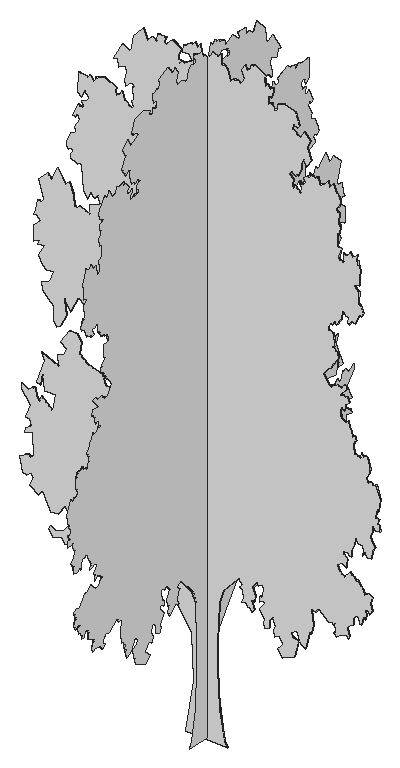
Revit family
Parameters (values of type "Salix Alba - 8.2 Meters")
  Height = 8200.00 mm
  built-in parameter 1005192 = "ACCURENDER\\Trees and Shrubs\\Deciduous\\Willow, Weeping"
  built-in parameter 1005194 = (empty or 0)
  Type Comments = "Weeping Willow"
  Assembly Code = ""
Types (6, lengths in mm): name | Height | built-in parameter 1005192 | Type Comments
  Quercus Velutina - 8.2 Meters | 8200.00 | "ACCURENDER\\Trees and Shrubs\\Deciduous\\Oak, Black" | "Black Oak"
  Acer Rubrum - 9 Meters | 9000.00 | "ACCURENDER\\Trees and Shrubs\\Deciduous\\Maple, Bigleaf" | "Red Maple"
  Cornus Florida - 4.5 Meters | 4500.00 | "ACCURENDER\\Trees and Shrubs\\Deciduous\\Dogwood, Eastern Flowering, white" | "American Dogwood"
  Populus Nigra Italica - 9.8 Meters | 9800.00 | "ACCURENDER\\Trees and Shrubs\\Deciduous\\Poplar, Lombardy" | "Lombardy Poplar"
  Salix Alba - 8.2 Meters | 8200.00 | "ACCURENDER\\Trees and Shrubs\\Deciduous\\Willow, Weeping" | "Weeping Willow"
  Betula Pendula - 5.8 Meters | 5800.00 | "ACCURENDER\\Trees and Shrubs\\Deciduous\\Birch, Paper" | "European Birch"
Reference planes
  plane 1: y = 0
  plane 2: z = 0
  plane 3: x = 0
Forms (mm)
  Extrusion 1, solid, material "Default 2"
    sketch origin (1, 8085.559, 300.451) x (0, -1, 0) y (0, 0, 1)
      loop
        line (6763.849, 7836.577) -> (6586.421, 7927.596) -> (6579.73, 7907.908) -> (6447.782, 7874.855) -> (6454.088, 7820.424) -> (6427.991, 7810.925) -> (6398.317, 7865.549) -> (6365.4, 7870.875) -> (6348.775, 7841.419) -> (6207.225, 7862.837) -> (6194.691, 7595.434) -> (6253.589, 7546.013) -> (6294.991, 7634.497) -> (6354.031, 7584.391) -> (6333.907, 7515.443) -> (6248.129, 7491.735) -> (6270.881, 7432.17) -> (6227.877, 7398.08) -> (6204.876, 7437.918) -> (6121.77, 7265.893) -> (6157.904, 7245.705) -> (6181.245, 7299.791) -> (6213.829, 7230.228) -> (6150.598, 7107.424) -> (6163.544, 7062.798) -> (6153.482, 7028.324) -> (6084.175, 7004.424) -> (6027.481, 6871.661) -> (6023.905, 6817.344) -> (6050.08, 6782.447) -> (6093.059, 6811.596) -> (6119.233, 6776.699) -> (6092.649, 6732.534) -> (6092.393, 6683.121) -> (6194.309, 6642.398) -> (6224.06, 6661.818) -> (6250.311, 6641.745) -> (6278.243, 6310.328) -> (6337.103, 6225.634) -> (6383.71, 6318.981) -> (6436.238, 6274.905) -> (6482.537, 6317.829) -> (6528.092, 6208.581) -> (6363.073, 6151.206) -> (6363.073, 6042.611) -> (6221.088, 6088.621) -> (6191.26, 6054.377) -> (6141.949, 6063.072) -> (6132.784, 6213.192) -> (6064.348, 6357.299) -> (6017.972, 6308.423) -> (5968.866, 6368.296) -> (5887.048, 6473.025) -> (5810.384, 6300.961) -> (5741.538, 6358.73) -> (5609.077, 6234.126) -> (5683.64, 6000.999) -> (5666.887, 5946.836) -> (5597.708, 5947.643) -> (5573.829, 5812.216) -> (5540.682, 5750.642) -> (5586.827, 5755.045) -> (5635.907, 5690.231) -> (5539.887, 5597.46) -> (5532.223, 5390) -> (5628.012, 5438.299) -> (5604.619, 5374.33) -> (5703.472, 5378.119) -> (5617.156, 5228.615) -> (5679.08, 5121.437) -> (5734.826, 5071.371) -> (5833.704, 5080.1) -> (5773.665, 4937.493) -> (5664.699, 4889.347) -> (5674.044, 4785.464) -> (5755.977, 4702.971) -> (5836.353, 4637.791) -> (5830.4, 4442.665) -> (5874.5, 4366.281) -> (5940.564, 4404.423) -> (6027.086, 4571.325) -> (6000.225, 4791.542) -> (6090.086, 4649.657) -> (6199.923, 4865.808) -> (6286.926, 4807.964) -> (6381.029, 4848.87) -> (6391.906, 4722.731) -> (6554.118, 4874.03) -> (6684.657, 4635.308) -> (6616.61, 4517.446) -> (6656.587, 4304.545) -> (6657.491, 4161.226) -> (6929.676, 4237.118) -> (6957.3, 3846.405) -> (6861.46, 3788.223) -> (6745.039, 3890.885) -> (6703.541, 3829.598) -> (6598.279, 3860.476) -> (6554.371, 3969.705) -> (6332.394, 4046.419) -> (6214.263, 4136.747) -> (6244.705, 4289.583) -> (6189.19, 4384.122) -> (6077.186, 4385.428) -> (5941.123, 4194.291) -> (6033.08, 4138.86) -> (5978.225, 4043.138) -> (5890.736, 4007.096) -> (5906.515, 3873.487) -> (5663.228, 3970.217) -> (5695.581, 3856.181) -> (5580.939, 3541.203) -> (5641.157, 3525.725) -> (5671.574, 3673.62) -> (5706.709, 3460.719) -> (5861.589, 3468.796) -> (5820.854, 3237.013) -> (5656.86, 3377.292) -> (5630.147, 3308.421) -> (5585.944, 3360.824) -> (5568.3, 3452.45) -> (5522.206, 3457.93) -> (5465.858, 3391.875) -> (5360.737, 3449.93) -> (5360.737, 3375.848) -> (5497.865, 3211.131) -> (5414.51, 3019.379) -> (5483.715, 3023.513) -> (5509.582, 2929.32) -> (5417.036, 2871.1) -> (5407.431, 2816.629) -> (5519.038, 2840.352) -> (5537.257, 2548.49) -> (5497.573, 2519.303) -> (5471.321, 2550.588) -> (5334.303, 2471.48) -> (5381.019, 2278.521) -> (5436.944, 2263.044) -> (5500.966, 2316.765) -> (5535.72, 2252.008) -> (5474.418, 2145.829) -> (5617.154, 2063.421) -> (5666.849, 2126.937) -> (5745.168, 1982.716) -> (5787.532, 1893.272) -> (5906.253, 1916.595) -> (5995.825, 2036.621) -> (6153.575, 1904.253) -> (6043.919, 1781.564) -> (5976.016, 1710.703) -> (5857.218, 1672.555) -> (5783.316, 1715.421) -> (5759.974, 1661.335) -> (5825.526, 1583.214) -> (5954.052, 1629.994) -> (5999.014, 1552.118) -> (6108.676, 1563.376) -> (6216.9, 1468.222) -> (6286.221, 1468.222) -> (6255.027, 1514.723) -> (6326.429, 1625.078) -> (6572.985, 1523.368) -> (6497.14, 1509.428) -> (6499.359, 1301.853) -> (6589.95, 1301.853) -> (6693.565, 1269.937) -> (6713.766, 1353.71) -> (6885.271, 1391.242) -> (6886.04, 1539.483) -> (7038.485, 1512.603) -> (7016.861, 1355.116) -> (7210.965, 1303.435) -> (7244.42, 1401.878) -> (7412.387, 1392.506) -> (7396.403, 1486.584) -> (7249.723, 1661.39) -> (7372.26, 1595.582) -> (7479.668, 1661.041) -> (7561.281, 1492.657) -> (7871.698, 1023.936) -> (7898.118, 400.979) -> (7775.887, -299.31) -> (8395.23, -301.593) -> (8353.501, -229.316) -> (8282.391, 174.122) -> (8255.468, 700.077) -> (8258.359, 1031.343) -> (8289.641, 1572.526) -> (8346.54, 1744.82) -> (8558.652, 1989.429) -> (8624.255, 1934.305) -> (8581.199, 1890.333) -> (8620.576, 1860.223) -> (8633.19, 1751.36) -> (8603.26, 1697.351) -> (8665.953, 1716.386) -> (8701.907, 1661.608) -> (8728.261, 1661.301) -> (8756.901, 1611.695) -> (8794.146, 1660.532) -> (8755.179, 1769.703) -> (8804.567, 1764.186) -> (8811.565, 1843.17) -> (8769.304, 1952.38) -> (8829.01, 2030.75) -> (8855.21, 2000.794) -> (8904.777, 2029.866) -> (8937.592, 2004.775) -> (8910.597, 1881.548) -> (8868.669, 1857.341) -> (8870.605, 1793.065) -> (8930.081, 1826.963) -> (8949.641, 1787.201) -> (8866.799, 1694.276) -> (8951.86, 1579.626) -> (8937.555, 1540.326) -> (8954.616, 1475.819) -> (9027.243, 1504.622) -> (9021.115, 1593.643) -> (9067.516, 1647.46) -> (9109.829, 1548.133) -> (9079.874, 1489.183) -> (9099.204, 1404.949) -> (9155.359, 1433.944) -> (9191.34, 1384.108) -> (9217.215, 1339.29) -> (9137.966, 1256.247) -> (9209.978, 1166.458) -> (9384.982, 1243.483) -> (9425.051, 1353.571) -> (9443.875, 1460.326) -> (9396.172, 1495.377) -> (9363.255, 1500.702) -> (9343.746, 1550.346) -> (9416.501, 1603.856) -> (9474.977, 1445.041) -> (9550.54, 1401.415) -> (9600.799, 1567.114) -> (9607.771, 1641.158) -> (9640.714, 1640.774) -> (9667.708, 1764) -> (9645.673, 1961.923) -> (9706.733, 1951.157) -> (9741.411, 2000.34) -> (9884.851, 1879.979) -> (9938.579, 1904.148) -> (9964.728, 1864.31) -> (9984.595, 1883.845) -> (10000.605, 1794.708) -> (9960.921, 1765.521) -> (10006.81, 1720.511) -> (10069.656, 1773.246) -> (10154.635, 1788.23) -> (10179.932, 1758.082) -> (10201.554, 1792.364) -> (10172.495, 1906.361) -> (10195.708, 1935.74) -> (10265.067, 1969.523) -> (10265.067, 2048.546) -> (10298.701, 2102.555) -> (10338.206, 2097.153) -> (10344.359, 2013.073) -> (10383.89, 2012.612) -> (10410.782, 2116.073) -> (10440.379, 2105.844) -> (10453.914, 2174.869) -> (10431.111, 2224.552) -> (10460.836, 2239.03) -> (10496.791, 2184.252) -> (10533.679, 2248.144) -> (10504.199, 2342.299) -> (10534.634, 2425.918) -> (10481.884, 2456.373) -> (10418.984, 2427.301) -> (10406.14, 2491.693) -> (10360.175, 2521.879) -> (10333.509, 2586.998) -> (10284.689, 2577.117) -> (10280.604, 2611.258) -> (10232.212, 2622.204) -> (10212.651, 2661.966) -> (10133.103, 2569.002) -> (10096.892, 2574.366) -> (10054.272, 2614.397) -> (10024.982, 2683.922) -> (10081.241, 2732.682) -> (10153.483, 2687.364) -> (10153.483, 2746.661) -> (10167.224, 2795.921) -> (10150.881, 2820.819) -> (10121.284, 2831.592) -> (10114.951, 2880.538) -> (10154.61, 2904.784) -> (10197.256, 2869.695) -> (10233.467, 2864.331) -> (10227.263, 2938.528) -> (10277.215, 3041.72) -> (10290.801, 3120.628) -> (10310.439, 3097.225) -> (10339.959, 3070.638) -> (10386.027, 3060.217) -> (10405.51, 3005.632) -> (10395.243, 2931.627) -> (10428.442, 2980.656) -> (10470.324, 2930.743) -> (10527.064, 2939.972) -> (10540.779, 3043.587) -> (10580.617, 3102.422) -> (10534.589, 3157.277) -> (10515.347, 3221.784) -> (10545.406, 3304.367) -> (10535.933, 3379.676) -> (10585.09, 3329.686) -> (10651.026, 3338.8) -> (10644.822, 3412.998) -> (10615.276, 3430.056) -> (10638.669, 3497.078) -> (10585.662, 3497.696) -> (10609.687, 3625.899) -> (10632.593, 3598.6) -> (10656.498, 3758.777) -> (10591.561, 3942.376) -> (10555.145, 3908.209) -> (10522.356, 3938.242) -> (10469.623, 3933.915) -> (10450.114, 3983.559) -> (10493.272, 4047.297) -> (10503.436, 4104.943) -> (10500.501, 4170.754) -> (10467.994, 4255.142) -> (10439.786, 4265.409) -> (10411.915, 4240.971) -> (10375.909, 4285.866) -> (10362.399, 4221.782) -> (10329.534, 4236.99) -> (10276.826, 4237.605) -> (10260.944, 4351.449) -> (10274.403, 4405.65) -> (10300.859, 4425.108) -> (10271.39, 4460.043) -> (10251.625, 4460.274) -> (10235.512, 4529.645) -> (10199.506, 4574.54) -> (10186.714, 4648.814) -> (10161.171, 4604.572) -> (10087.886, 4646.883) -> (10081.503, 4689.574) -> (10061.609, 4665.098) -> (10065.288, 4739.18) -> (10081.99, 4783.46) -> (10121.341, 4748.409) -> (10144.657, 4797.554) -> (10144.862, 4837.085) -> (10207.709, 4885.768) -> (10175.125, 4955.332) -> (10063.044, 4941.814) -> (10175.714, 5068.983) -> (10129.723, 5094.227) -> (10086.667, 5050.255) -> (10017.565, 5065.886) -> (9991.058, 5036.545) -> (9941.593, 5027.239) -> (9934.902, 5007.55) -> (9911.919, 5022.643) -> (9823.564, 5137.332) -> (9889.935, 5230.449) -> (9929.594, 5254.695) -> (9956.204, 5303.801) -> (9982.686, 5328.2) -> (10002.759, 5387.266) -> (10029.087, 5377.683) -> (10039.175, 5421.433) -> (10019.717, 5480.96) -> (9947.551, 5541.102) -> (9987.21, 5565.347) -> (9971.585, 5728.604) -> (9886.153, 5742.426) -> (9899.752, 5852.983) -> (9955.641, 5832.642) -> (9982.287, 5886.612) -> (10005.167, 5851.754) -> (10031.624, 5871.212) -> (10051.62, 5915.453) -> (10088.036, 5949.62) -> (10091.842, 6057.985) -> (10111.736, 6072.885) -> (10144.396, 6018.146) -> (10193.784, 6012.628) -> (10167.046, 5938.815) -> (10199.912, 5923.607) -> (10232.792, 5962.792) -> (10292.381, 5967.003) -> (10345.78, 6099.805) -> (10378.672, 6089.538) -> (10405.23, 6128.761) -> (10356.38, 6238.047) -> (10333.321, 6238.316) -> (10340.78, 6406.246) -> (10271.883, 6464.057) -> (10304.928, 6480.789) -> (10344.459, 6480.789) -> (10354.675, 6544.45) -> (10343.377, 6608.524) -> (10365.223, 6672.81) -> (10349.136, 6747.122) -> (10326.128, 6757.274) -> (10326.384, 6806.688) -> (10309.913, 6806.88) -> (10313.592, 6880.962) -> (10273.856, 6841.892) -> (10244.182, 6837.296) -> (10215.409, 6887.133) -> (10168.312, 6818.415) -> (10118.975, 6833.815) -> (10111.823, 6725.182) -> (10059.115, 6725.797) -> (10046.143, 6765.482) -> (10076.381, 6878.787) -> (10023.801, 6904.109) -> (10018.032, 7062.309) -> (10051.026, 7071.807) -> (10069.772, 7167.402) -> (10035.17, 7190.592) -> (10055.729, 7343.544) -> (10019.544, 7353.849) -> (10003.252, 7382.067) -> (10046.257, 7422.721) -> (10072.944, 7486.651) -> (10049.479, 7551.119) -> (10015.986, 7591.034) -> (9968.604, 7695.417) -> (9905.706, 7636.851) -> (9886.35, 7716.144) -> (9833.233, 7637.697) -> (9760.683, 7623.718) -> (9741.378, 7712.893) -> (9698.425, 7688.686) -> (9655.626, 7694.127) -> (9616.197, 7714.353) -> (9622.555, 7669.804) -> (9583.05, 7675.207) -> (9523.446, 7616.602) -> (9552.838, 7566.843) -> (9529.574, 7526.547) -> (9496.631, 7527.965) -> (9470.431, 7557.921) -> (9463.689, 7528.35) -> (9493.055, 7473.649) -> (9479.571, 7414.506) -> (9397.497, 7469.822) -> (9377.603, 7445.346) -> (9361.209, 7460.362) -> (9374.898, 7559.035) -> (9322.447, 7609.064) -> (9345.686, 7643.384) -> (9411.365, 7603.085) -> (9428.042, 7642.423) -> (9454.344, 7627.238) -> (9491.093, 7730.638) -> (9494.72, 7794.837) -> (9524.702, 7858.729) -> (9570.437, 7784.07) -> (9646.742, 7886.955) -> (9578.357, 8040.944) -> (9621.72, 8144.213) -> (9539.851, 8239.059) -> (9473.403, 8131.118) -> (9355.246, 8216.505) -> (9376.716, 8275.493) -> (9427.924, 8255.19) -> (9461.02, 8284.454) -> (9402.569, 8448.21) -> (9233.147, 8494.662) -> (9139.03, 8451.285) -> (9142.017, 8391.95) -> (9072.813, 8379.747) -> (9069.877, 8457.033) -> (9010.427, 8422.709) -> (9004.325, 8522.039) -> (9050.419, 8516.56) -> (9083.797, 8600.179) -> (9074.17, 8649.707) -> (9037.806, 8625.423) -> (8995.262, 8680.278) -> (8965.435, 8646.034) -> (8949.425, 8735.171) -> (8956.361, 8774.509) -> (8796.896, 8862.962) -> (8739.029, 8821.633) -> (8739.029, 8777.238) -> (8682.72, 8762.99) -> (8673.119, 8817.46) -> (8610.093, 8734.188) -> (8655.623, 8619.998) -> (8605.876, 8556.337) -> (8536.8, 8576.91) -> (8493.923, 8567.526) -> (8450.868, 8523.554) -> (8403.831, 8664.94) -> (8359.603, 8712.401) -> (8310.163, 8708.036) -> (8314.124, 8836.473) -> (8248.008, 8792.77) -> (8175.612, 8808.439) -> (8152.245, 8749.412) -> (8161.948, 8714.707) -> (8119.251, 8739.913) -> (8059.596, 8671.426) -> (8020.552, 8765.773) -> (8007.837, 8854.871) -> (7961.435, 8801.054) -> (7922.186, 8855.87) -> (7905.536, 8821.473) -> (7862.736, 8826.914) -> (7753.694, 8763.944) -> (7736.684, 8660.368) -> (7819.04, 8660.368) -> (7877.952, 8584.595) -> (7765.666, 8531.547) -> (7713.035, 8546.986) -> (7686.4, 8492.938) -> (7683.618, 8591.804) -> (7721.191, 8695.034) -> (7597.268, 8775.652) -> (7479.811, 8678.189) -> (7473.35, 8702.973) -> (7506.703, 8781.65) -> (7361.679, 8768.517) -> (7361.193, 8674.632) -> (7295.513, 8698.537) -> (7222.63, 8636.715) -> (7157.462, 8775.841) -> (7014.965, 8614.429) -> (6967.667, 8387.664) -> (6855.868, 8452.212) -> (6716.408, 8217.638) -> (6779.127, 8241.614) -> (6797.492, 8137.461) -> (6895.739, 8176.012) -> (6916.716, 8091.76) -> (6878.294, 7988.433) -> (6889.414, 7909.237) -> (6975.449, 7982.358) -> (7018.223, 7971.976) -> (7024.632, 7937.309) -> (6998.252, 7932.675) -> (7010.507, 7754.633) -> (6990.716, 7749.922) -> (7016.711, 7680.436) -> (6986.909, 7651.133) -> (6881.852, 7721.542) -> (6856.036, 7825.618) -> (6836.271, 7825.849) -> (6819.569, 7781.569) -> (6769.976, 7747.555) -> (6743.879, 7797.276) -> (6763.849, 7836.577)
    from 0 to 1
  Extrusion 2, solid, material "Default 2"
    sketch origin (-8085.559, -1, 285.158) x (1, 0, 0) y (0, 0, -1)
      loop
        line (6763.849, -7836.577) -> (6743.879, -7797.276) -> (6769.976, -7747.555) -> (6819.569, -7781.569) -> (6836.271, -7825.849) -> (6856.036, -7825.618) -> (6881.852, -7721.542) -> (6986.909, -7651.133) -> (7016.711, -7680.436) -> (6990.716, -7749.922) -> (7010.507, -7754.633) -> (6998.252, -7932.675) -> (7024.632, -7937.309) -> (7018.223, -7971.976) -> (6975.449, -7982.358) -> (6889.414, -7909.237) -> (6878.294, -7988.433) -> (6916.716, -8091.76) -> (6895.739, -8176.012) -> (6797.492, -8137.461) -> (6779.127, -8241.614) -> (6716.408, -8217.638) -> (6855.868, -8452.212) -> (6967.667, -8387.664) -> (7014.965, -8614.429) -> (7157.462, -8775.841) -> (7222.63, -8636.715) -> (7295.513, -8698.537) -> (7361.193, -8674.632) -> (7361.679, -8768.517) -> (7506.703, -8781.65) -> (7473.35, -8702.973) -> (7479.811, -8678.189) -> (7597.268, -8775.652) -> (7721.191, -8695.034) -> (7683.618, -8591.804) -> (7686.4, -8492.938) -> (7713.035, -8546.986) -> (7765.666, -8531.547) -> (7877.952, -8584.595) -> (7819.04, -8660.368) -> (7736.684, -8660.368) -> (7753.694, -8763.944) -> (7862.736, -8826.914) -> (7905.536, -8821.473) -> (7922.186, -8855.87) -> (7961.435, -8801.054) -> (8007.837, -8854.871) -> (8020.552, -8765.773) -> (8059.596, -8671.426) -> (8119.251, -8739.913) -> (8161.948, -8714.707) -> (8152.245, -8749.412) -> (8175.612, -8808.439) -> (8248.008, -8792.77) -> (8314.124, -8836.473) -> (8310.163, -8708.036) -> (8359.603, -8712.401) -> (8403.831, -8664.94) -> (8450.868, -8523.554) -> (8493.923, -8567.526) -> (8536.8, -8576.91) -> (8605.876, -8556.337) -> (8655.623, -8619.998) -> (8610.093, -8734.188) -> (8673.119, -8817.46) -> (8682.72, -8762.99) -> (8739.029, -8777.238) -> (8739.029, -8821.633) -> (8796.896, -8862.962) -> (8956.361, -8774.509) -> (8949.425, -8735.171) -> (8965.435, -8646.034) -> (8995.262, -8680.278) -> (9037.806, -8625.423) -> (9074.17, -8649.707) -> (9083.797, -8600.179) -> (9050.419, -8516.56) -> (9004.325, -8522.039) -> (9010.427, -8422.709) -> (9069.877, -8457.033) -> (9072.813, -8379.747) -> (9142.017, -8391.95) -> (9139.03, -8451.285) -> (9233.147, -8494.662) -> (9402.569, -8448.21) -> (9461.02, -8284.454) -> (9427.924, -8255.19) -> (9376.716, -8275.493) -> (9355.246, -8216.505) -> (9473.403, -8131.118) -> (9539.851, -8239.059) -> (9621.72, -8144.213) -> (9578.357, -8040.944) -> (9646.742, -7886.955) -> (9570.437, -7784.07) -> (9524.702, -7858.729) -> (9494.72, -7794.837) -> (9491.093, -7730.638) -> (9454.344, -7627.238) -> (9428.042, -7642.423) -> (9411.365, -7603.085) -> (9345.686, -7643.384) -> (9322.447, -7609.064) -> (9374.898, -7559.035) -> (9361.209, -7460.362) -> (9377.603, -7445.346) -> (9397.497, -7469.822) -> (9479.571, -7414.506) -> (9493.055, -7473.649) -> (9463.689, -7528.35) -> (9470.431, -7557.921) -> (9496.631, -7527.965) -> (9529.574, -7526.547) -> (9552.838, -7566.843) -> (9523.446, -7616.602) -> (9583.05, -7675.207) -> (9622.555, -7669.804) -> (9616.197, -7714.353) -> (9655.626, -7694.127) -> (9698.425, -7688.686) -> (9741.378, -7712.893) -> (9760.683, -7623.718) -> (9833.233, -7637.697) -> (9886.35, -7716.144) -> (9905.706, -7636.851) -> (9968.604, -7695.417) -> (10015.986, -7591.034) -> (10049.479, -7551.119) -> (10072.944, -7486.651) -> (10046.257, -7422.721) -> (10003.252, -7382.067) -> (10019.544, -7353.849) -> (10055.729, -7343.544) -> (10035.17, -7190.592) -> (10069.772, -7167.402) -> (10051.026, -7071.807) -> (10018.032, -7062.309) -> (10023.801, -6904.109) -> (10076.381, -6878.787) -> (10046.143, -6765.482) -> (10059.115, -6725.797) -> (10111.823, -6725.182) -> (10118.975, -6833.815) -> (10168.312, -6818.415) -> (10215.409, -6887.133) -> (10244.182, -6837.296) -> (10273.856, -6841.892) -> (10313.592, -6880.962) -> (10309.913, -6806.88) -> (10326.384, -6806.688) -> (10326.128, -6757.274) -> (10349.136, -6747.122) -> (10365.223, -6672.81) -> (10343.377, -6608.524) -> (10354.675, -6544.45) -> (10344.459, -6480.789) -> (10304.928, -6480.789) -> (10271.883, -6464.057) -> (10340.78, -6406.246) -> (10333.321, -6238.316) -> (10356.38, -6238.047) -> (10405.23, -6128.761) -> (10378.672, -6089.538) -> (10345.78, -6099.805) -> (10292.381, -5967.003) -> (10232.792, -5962.792) -> (10199.912, -5923.607) -> (10167.046, -5938.815) -> (10193.784, -6012.628) -> (10144.396, -6018.146) -> (10111.736, -6072.885) -> (10091.842, -6057.985) -> (10088.036, -5949.62) -> (10051.62, -5915.453) -> (10031.624, -5871.212) -> (10005.167, -5851.754) -> (9982.287, -5886.612) -> (9955.641, -5832.642) -> (9899.752, -5852.983) -> (9886.153, -5742.426) -> (9971.585, -5728.604) -> (9987.21, -5565.347) -> (9947.551, -5541.102) -> (10019.717, -5480.96) -> (10039.175, -5421.433) -> (10029.087, -5377.683) -> (10002.759, -5387.266) -> (9982.686, -5328.2) -> (9956.204, -5303.801) -> (9929.594, -5254.695) -> (9889.935, -5230.449) -> (9823.564, -5137.332) -> (9911.919, -5022.643) -> (9934.902, -5007.55) -> (9941.593, -5027.239) -> (9991.058, -5036.545) -> (10017.565, -5065.886) -> (10086.667, -5050.255) -> (10129.723, -5094.227) -> (10175.714, -5068.983) -> (10063.044, -4941.814) -> (10175.125, -4955.332) -> (10207.709, -4885.768) -> (10144.862, -4837.085) -> (10144.657, -4797.554) -> (10121.341, -4748.409) -> (10081.99, -4783.46) -> (10065.288, -4739.18) -> (10061.609, -4665.098) -> (10081.503, -4689.574) -> (10087.886, -4646.883) -> (10161.171, -4604.572) -> (10186.714, -4648.814) -> (10199.506, -4574.54) -> (10235.512, -4529.645) -> (10251.625, -4460.274) -> (10271.39, -4460.043) -> (10300.859, -4425.108) -> (10274.403, -4405.65) -> (10260.944, -4351.449) -> (10276.826, -4237.605) -> (10329.534, -4236.99) -> (10362.399, -4221.782) -> (10375.909, -4285.866) -> (10411.915, -4240.971) -> (10439.786, -4265.409) -> (10467.994, -4255.142) -> (10500.501, -4170.754) -> (10503.436, -4104.943) -> (10493.272, -4047.297) -> (10450.114, -3983.559) -> (10469.623, -3933.915) -> (10522.356, -3938.242) -> (10555.145, -3908.209) -> (10591.561, -3942.376) -> (10656.498, -3758.777) -> (10632.593, -3598.6) -> (10609.687, -3625.899) -> (10585.662, -3497.696) -> (10638.669, -3497.078) -> (10615.276, -3430.056) -> (10644.822, -3412.998) -> (10651.026, -3338.8) -> (10585.09, -3329.686) -> (10535.933, -3379.676) -> (10545.406, -3304.367) -> (10515.347, -3221.784) -> (10534.589, -3157.277) -> (10580.617, -3102.422) -> (10540.779, -3043.587) -> (10527.064, -2939.972) -> (10470.324, -2930.743) -> (10428.442, -2980.656) -> (10395.243, -2931.627) -> (10405.51, -3005.632) -> (10386.027, -3060.217) -> (10339.959, -3070.638) -> (10310.439, -3097.225) -> (10290.801, -3120.628) -> (10277.215, -3041.72) -> (10227.263, -2938.528) -> (10233.467, -2864.331) -> (10197.256, -2869.695) -> (10154.61, -2904.784) -> (10114.951, -2880.538) -> (10121.284, -2831.592) -> (10150.881, -2820.819) -> (10167.224, -2795.921) -> (10153.483, -2746.661) -> (10153.483, -2687.364) -> (10081.241, -2732.682) -> (10024.982, -2683.922) -> (10054.272, -2614.397) -> (10096.892, -2574.366) -> (10133.103, -2569.002) -> (10212.651, -2661.966) -> (10232.212, -2622.204) -> (10280.604, -2611.258) -> (10284.689, -2577.117) -> (10333.509, -2586.998) -> (10360.175, -2521.879) -> (10406.14, -2491.693) -> (10418.984, -2427.301) -> (10481.884, -2456.373) -> (10534.634, -2425.918) -> (10504.199, -2342.299) -> (10533.679, -2248.144) -> (10496.791, -2184.252) -> (10460.836, -2239.03) -> (10431.111, -2224.552) -> (10453.914, -2174.869) -> (10440.379, -2105.844) -> (10410.782, -2116.073) -> (10383.89, -2012.612) -> (10344.359, -2013.073) -> (10338.206, -2097.153) -> (10298.701, -2102.555) -> (10265.067, -2048.546) -> (10265.067, -1969.523) -> (10195.708, -1935.74) -> (10172.495, -1906.361) -> (10201.554, -1792.364) -> (10179.932, -1758.082) -> (10154.635, -1788.23) -> (10069.656, -1773.246) -> (10006.81, -1720.511) -> (9960.921, -1765.521) -> (10000.605, -1794.708) -> (9984.595, -1883.845) -> (9964.728, -1864.31) -> (9938.579, -1904.148) -> (9884.851, -1879.979) -> (9741.411, -2000.34) -> (9706.733, -1951.157) -> (9645.673, -1961.923) -> (9667.708, -1764) -> (9640.714, -1640.774) -> (9607.771, -1641.158) -> (9600.799, -1567.114) -> (9550.54, -1401.415) -> (9474.977, -1445.041) -> (9416.501, -1603.856) -> (9343.746, -1550.346) -> (9363.255, -1500.702) -> (9396.172, -1495.377) -> (9443.875, -1460.326) -> (9425.051, -1353.571) -> (9384.982, -1243.483) -> (9209.978, -1166.458) -> (9137.966, -1256.247) -> (9217.215, -1339.29) -> (9191.34, -1384.108) -> (9155.359, -1433.944) -> (9099.204, -1404.949) -> (9079.874, -1489.183) -> (9109.829, -1548.133) -> (9067.516, -1647.46) -> (9021.115, -1593.643) -> (9027.243, -1504.622) -> (8954.616, -1475.819) -> (8937.555, -1540.326) -> (8951.86, -1579.626) -> (8866.799, -1694.276) -> (8949.641, -1787.201) -> (8930.081, -1826.963) -> (8870.605, -1793.065) -> (8868.669, -1857.341) -> (8910.597, -1881.548) -> (8937.592, -2004.775) -> (8904.777, -2029.866) -> (8855.21, -2000.794) -> (8829.01, -2030.75) -> (8769.304, -1952.38) -> (8811.565, -1843.17) -> (8804.567, -1764.186) -> (8755.179, -1769.703) -> (8794.146, -1660.532) -> (8756.901, -1611.695) -> (8728.261, -1661.301) -> (8701.907, -1661.608) -> (8665.953, -1716.386) -> (8603.26, -1697.351) -> (8633.19, -1751.36) -> (8620.576, -1860.223) -> (8581.199, -1890.333) -> (8624.255, -1934.305) -> (8558.652, -1989.429) -> (8346.54, -1744.82) -> (8289.641, -1572.526) -> (8258.359, -1031.343) -> (8255.468, -700.077) -> (8282.391, -174.122) -> (8353.501, 229.316) -> (8395.23, 301.593) -> (7775.887, 299.31) -> (7898.118, -400.979) -> (7871.698, -1023.936) -> (7561.281, -1492.657) -> (7479.668, -1661.041) -> (7372.26, -1595.582) -> (7249.723, -1661.39) -> (7396.403, -1486.584) -> (7412.387, -1392.506) -> (7244.42, -1401.878) -> (7210.965, -1303.435) -> (7016.861, -1355.116) -> (7038.485, -1512.603) -> (6886.04, -1539.483) -> (6885.271, -1391.242) -> (6713.766, -1353.71) -> (6693.565, -1269.937) -> (6589.95, -1301.853) -> (6499.359, -1301.853) -> (6497.14, -1509.428) -> (6572.985, -1523.368) -> (6326.429, -1625.078) -> (6255.027, -1514.723) -> (6286.221, -1468.222) -> (6216.9, -1468.222) -> (6108.676, -1563.376) -> (5999.014, -1552.118) -> (5954.052, -1629.994) -> (5825.526, -1583.214) -> (5759.974, -1661.335) -> (5783.316, -1715.421) -> (5857.218, -1672.555) -> (5976.016, -1710.703) -> (6043.919, -1781.564) -> (6153.575, -1904.253) -> (5995.825, -2036.621) -> (5906.253, -1916.595) -> (5787.532, -1893.272) -> (5745.168, -1982.716) -> (5666.849, -2126.937) -> (5617.154, -2063.421) -> (5474.418, -2145.829) -> (5535.72, -2252.008) -> (5500.966, -2316.765) -> (5436.944, -2263.044) -> (5381.019, -2278.521) -> (5334.303, -2471.48) -> (5471.321, -2550.588) -> (5497.573, -2519.303) -> (5537.257, -2548.49) -> (5519.038, -2840.352) -> (5407.431, -2816.629) -> (5417.036, -2871.1) -> (5509.582, -2929.32) -> (5483.715, -3023.513) -> (5414.51, -3019.379) -> (5497.865, -3211.131) -> (5360.737, -3375.848) -> (5360.737, -3449.93) -> (5465.858, -3391.875) -> (5522.206, -3457.93) -> (5568.3, -3452.45) -> (5585.944, -3360.824) -> (5630.147, -3308.421) -> (5656.86, -3377.292) -> (5820.854, -3237.013) -> (5861.589, -3468.796) -> (5706.709, -3460.719) -> (5671.574, -3673.62) -> (5641.157, -3525.725) -> (5580.939, -3541.203) -> (5695.581, -3856.181) -> (5663.228, -3970.217) -> (5906.515, -3873.487) -> (5890.736, -4007.096) -> (5978.225, -4043.138) -> (6033.08, -4138.86) -> (5941.123, -4194.291) -> (6077.186, -4385.428) -> (6189.19, -4384.122) -> (6244.705, -4289.583) -> (6214.263, -4136.747) -> (6332.394, -4046.419) -> (6554.371, -3969.705) -> (6598.279, -3860.476) -> (6703.541, -3829.598) -> (6745.039, -3890.885) -> (6861.46, -3788.223) -> (6957.3, -3846.405) -> (6929.676, -4237.118) -> (6657.491, -4161.226) -> (6656.587, -4304.545) -> (6616.61, -4517.446) -> (6684.657, -4635.308) -> (6554.118, -4874.03) -> (6391.906, -4722.731) -> (6381.029, -4848.87) -> (6286.926, -4807.964) -> (6199.923, -4865.808) -> (6090.086, -4649.657) -> (6000.225, -4791.542) -> (6027.086, -4571.325) -> (5940.564, -4404.423) -> (5874.5, -4366.281) -> (5830.4, -4442.665) -> (5836.353, -4637.791) -> (5755.977, -4702.971) -> (5674.044, -4785.464) -> (5664.699, -4889.347) -> (5773.665, -4937.493) -> (5833.704, -5080.1) -> (5734.826, -5071.371) -> (5679.08, -5121.437) -> (5617.156, -5228.615) -> (5703.472, -5378.119) -> (5604.619, -5374.33) -> (5628.012, -5438.299) -> (5532.223, -5390) -> (5539.887, -5597.46) -> (5635.907, -5690.231) -> (5586.827, -5755.045) -> (5540.682, -5750.642) -> (5573.829, -5812.216) -> (5597.708, -5947.643) -> (5666.887, -5946.836) -> (5683.64, -6000.999) -> (5609.077, -6234.126) -> (5741.538, -6358.73) -> (5810.384, -6300.961) -> (5887.048, -6473.025) -> (5968.866, -6368.296) -> (6017.972, -6308.423) -> (6064.348, -6357.299) -> (6132.784, -6213.192) -> (6141.949, -6063.072) -> (6191.26, -6054.377) -> (6221.088, -6088.621) -> (6363.073, -6042.611) -> (6363.073, -6151.206) -> (6528.092, -6208.581) -> (6482.537, -6317.829) -> (6436.238, -6274.905) -> (6383.71, -6318.981) -> (6337.103, -6225.634) -> (6278.243, -6310.328) -> (6250.311, -6641.745) -> (6224.06, -6661.818) -> (6194.309, -6642.398) -> (6092.393, -6683.121) -> (6092.649, -6732.534) -> (6119.233, -6776.699) -> (6093.059, -6811.596) -> (6050.08, -6782.447) -> (6023.905, -6817.344) -> (6027.481, -6871.661) -> (6084.175, -7004.424) -> (6153.482, -7028.324) -> (6163.544, -7062.798) -> (6150.598, -7107.424) -> (6213.829, -7230.228) -> (6181.245, -7299.791) -> (6157.904, -7245.705) -> (6121.77, -7265.893) -> (6204.876, -7437.918) -> (6227.877, -7398.08) -> (6270.881, -7432.17) -> (6248.129, -7491.735) -> (6333.907, -7515.443) -> (6354.031, -7584.391) -> (6294.991, -7634.497) -> (6253.589, -7546.013) -> (6194.691, -7595.434) -> (6207.225, -7862.837) -> (6348.775, -7841.419) -> (6365.4, -7870.875) -> (6398.317, -7865.549) -> (6427.991, -7810.925) -> (6454.088, -7820.424) -> (6447.782, -7874.855) -> (6579.73, -7907.908) -> (6586.421, -7927.596) -> (6763.849, -7836.577)
    from 0 to 1
Nested families
  nested 1: "Deciduous Base" at (0, 0, 0), type "Deciduous Base"
Definition of nested family "Deciduous Base"
  Parameters
    Height = 5791.20 mm
    built-in parameter 1005192 = "ACCURENDER\\Trees and Shrubs\\Deciduous\\Oak, Black"
    built-in parameter 1005194 = (empty or 0)
  Reference planes
    plane 1: y = 0
    plane 2: z = 0
    plane 3: x = 0
  Lines and regions (mm)
    model lines
      curve 1: line (151.287, 0, 0.063) -> (96.6, 0, 2159.896)
      curve 2: line (96.6, 0, 2159.896) -> (421.504, 0, 3752.297)
      curve 3: line (421.504, 0, 3752.297) -> (1569.231, 0, 4816.713)
      curve 4: line (633.502, 0, 3948.907) -> (994.029, 0, 5715.902)
      curve 5: line (261.552, 0, 2968.349) -> (983.27, 0, 3637.678)
      curve 6: line (622.411, 0, 3303.013) -> (1715.571, 0, 3488.264)
      curve 7: line (96.6, 0, 2159.896) -> (19.55, 0, 4179.096)
      curve 8: line (32.81, 0, 3831.604) -> (524.088, 0, 5384.064)
      curve 9: line (398.845, 0, 4988.291) -> (30.606, 0, 7161.264)
      curve 10: line (105.316, 0, 1815.666) -> (1721.631, 0, 2721.102)
      curve 11: line (1246.264, 0, 2454.808) -> (1929.086, 0, 2580.41)
      curve 12: line (1168.991, 0, 3395.639) -> (2080.89, 0, 3991.266)
      curve 13: line (-139.075, -67.882, 0) -> (-88.133, -43.017, 1929.568)
      curve 14: line (-88.133, -43.017, 1929.568) -> (-578.776, -282.498, 3939.841)
      curve 15: line (-444.806, -217.108, 3390.936) -> (-444.806, -217.108, 4508.536)
      curve 16: line (-444.806, -217.108, 4144.049) -> (-1604.558, -783.177, 6300.381)
      curve 17: line (-220.627, -107.687, 2472.424) -> (-2090.002, -1020.12, 4488.115)
      curve 18: line (-142.297, -69.455, 2151.49) -> (-559.884, -273.277, 6008.681)
      curve 19: line (122.179, 59.635, 0.063) -> (71.829, 35.059, 2462.415)
      curve 20: line (88.535, 43.213, 1645.406) -> (900.244, 439.405, 2992.84)
      curve 21: line (620.065, 302.651, 2527.743) -> (1638.349, 799.671, 3205.888)
      curve 22: line (71.829, 35.059, 2462.415) -> (385.679, 188.248, 4386.144)
      curve 23: line (268.596, 131.1, 3668.489) -> (-54.041, -26.377, 5565.456)
      curve 24: line (385.679, 188.248, 4386.144) -> (2017.252, 984.611, 5970.516)
      curve 25: line (621.377, 303.291, 4615.024) -> (910.135, 444.233, 6367.435)
      curve 26: line (-74.298, -36.265, 2464.696) -> (-41.335, -20.175, 3962.65)
      curve 27: line (40.495, 94.601, 0.063) -> (-15.734, -36.756, 2425.521)
      curve 28: line (-46.094, -107.683, 0) -> (-29.782, -69.574, 2438.048)
      curve 29: line (-15.734, -36.756, 2425.521) -> (-695.518, -1624.823, 3923.778)
      curve 30: line (-302.594, -706.899, 3057.766) -> (-731.292, -1708.397, 5194.027)
      curve 31: line (40.495, 94.601, 0.063) -> (22.035, 51.477, 2539.211)
      curve 32: line (26.921, 62.892, 2538.485) -> (516.688, 1207.053, 3762.956)
      curve 33: line (377.685, 882.323, 3415.433) -> (689.078, 1609.78, 3583.394)
      curve 34: line (55.822, 130.407, 2610.74) -> (303.755, 709.613, 4901.591)
      curve 35: line (216.237, 505.158, 4092.942) -> (590.223, 1378.84, 4577.582)
      curve 36: line (403.23, 941.999, 4335.262) -> (652.016, 1523.197, 5825.188)
      curve 37: line (253.756, 592.809, 4439.613) -> (-15.734, -36.756, 6918.114)
      curve 38: line (181.466, 423.928, 5104.47) -> (622.22, 1453.59, 6658.531)
      curve 39: line (-62.195, 107.457, 0) -> (-62.195, 107.457, 2210.928)
      curve 40: line (-46.567, 80.456, 2253.785) -> (-72.435, 125.148, 2963.108)
      curve 41: line (37.748, -65.218, 2423.708) -> (205.729, -355.446, 2817.287)
      curve 42: line (205.729, -355.446, 2817.287) -> (414.147, -715.538, 5333.137)
      curve 43: line (251.288, -434.16, 3367.239) -> (901.726, -1557.945, 4891.205)
      curve 44: line (26.428, -45.66, 1815.666) -> (297.4, -513.829, 2166.813)
      curve 45: line (297.4, -513.829, 2166.813) -> (872.359, -1507.207, 2458.309)
      curve 46: line (426.039, -736.084, 2232.031) -> (628.391, -1085.694, 2817.393)
      curve 47: line (-72.435, 125.148, 2963.108) -> (-544.271, 940.357, 3979.339)
      curve 48: line (-308.353, 532.753, 3471.224) -> (-455.689, 787.311, 4627.122)
      curve 49: line (-62.195, 107.457, 2210.928) -> (-587.734, 1015.449, 2778.473)
      curve 50: line (-587.734, 1015.449, 2778.473) -> (-1094.764, 1891.463, 2897.775)
      curve 51: line (-775.138, 1339.235, 2822.569) -> (-1022.91, 1767.319, 3223.168)
      curve 52: line (-197.745, 341.651, 2357.312) -> (-489.303, 845.386, 4081.342)
      curve 53: line (-403.369, 696.916, 3573.202) -> (-1068.162, 1845.502, 4704.218)
      curve 54: line (-671.276, 1159.787, 4028.993) -> (-1055.334, 1823.339, 5289.598)
      curve 55: line (-413.328, 714.121, 2590.127) -> (-343.113, 592.809, 3075.663)
      curve 56: line (-343.524, 593.519, 3219.326) -> (-939.253, 1622.782, 3861.894)
      curve 57: line (-121.791, 210.422, 2275.287) -> (-74.184, 128.17, 4254.281)
      curve 58: line (-92.143, 159.2, 3507.703) -> (-754.412, 1303.426, 5546.942)
      curve 59: line (24.658, -42.603, 2094.154) -> (571.467, -987.345, 2941.686)
      curve 60: line (-74.184, 128.17, 4254.281) -> (893.616, -1543.932, 6046.475)
      curve 61: line (290.162, -501.323, 4928.984) -> (556.505, -961.494, 6674.291)
      curve 62: line (62.611, -108.175, 4507.6) -> (-272.175, 470.246, 7133.647)
      curve 63: line (-524.234, -1224.682, 4162.23) -> (-767.679, -1793.4, 4847.731)
      curve 64: line (481.768, 1125.474, 6163.307) -> (521.505, 1218.306, 6898.193)
      curve 65: line (559.474, 1307.007, 5270.976) -> (706.185, 1649.743, 5614.717)
      curve 66: line (45.356, 105.958, 6356.271) -> (92.693, 216.544, 7146.119)
      curve 67: line (559.281, -966.29, 5427.346) -> (872.359, -1507.207, 5638.965)
      curve 68: line (348.573, -602.242, 4541.573) -> (692.051, -1195.682, 6475.032)
      curve 69: line (-161.532, 279.084, 6265.767) -> (-488.063, 843.244, 7104.714)
      curve 70: line (423.333, -731.409, 5801.638) -> (332.148, -573.865, 6904.397)
    symbolic lines
      curve 71: arc (1981.2, 0, 0) -> (0, 1981.2, 0) -> (-1981.2, 0, 0) r 1981.2
      curve 72: arc (-1981.2, 0, 0) -> (0, -1981.2, 0) -> (1981.2, 0, 0) r 1981.2
      curve 73: line (0, 0, 0) -> (1212.495, 1566.847, 0)
      curve 74: line (0, 0, 0) -> (-1897.409, -570.081, 0)
      curve 75: line (0, 0, 0) -> (-1500.5, -1293.697, 0)
      curve 76: line (0, 0, 0) -> (1326.629, -1471.465, 0)
      curve 77: line (0, 0, 0) -> (1864.639, -669.535, 0)
      curve 78: line (0, 0, 0) -> (-633.728, 1877.11, 0)
      curve 79: line (0, 0, 0) -> (-280.885, 1961.188, 0)
      curve 80: line (0, 0, 0) -> (1862.475, 675.53, 0)
      curve 81: line (0, 0, 0) -> (-1553.773, 1229.204, 0)
      curve 82: line (0, 0, 0) -> (-996.486, 1712.357, 0)
      curve 83: line (0, 0, 0) -> (-281.45, -1961.107, 0)
      curve 84: line (0, 0, 0) -> (744.889, 1835.836, 0)
      curve 85: line (0, 0, 0) -> (1069.566, -1667.688, 0)
      curve 86: line (0, 0, 0) -> (1964.968, 253.088, 0)
      curve 87: line (0, 0, 0) -> (-1655, 1089.096, 0)
      curve 88: line (0, 0, 0) -> (-1357.372, -1443.154, 0)
